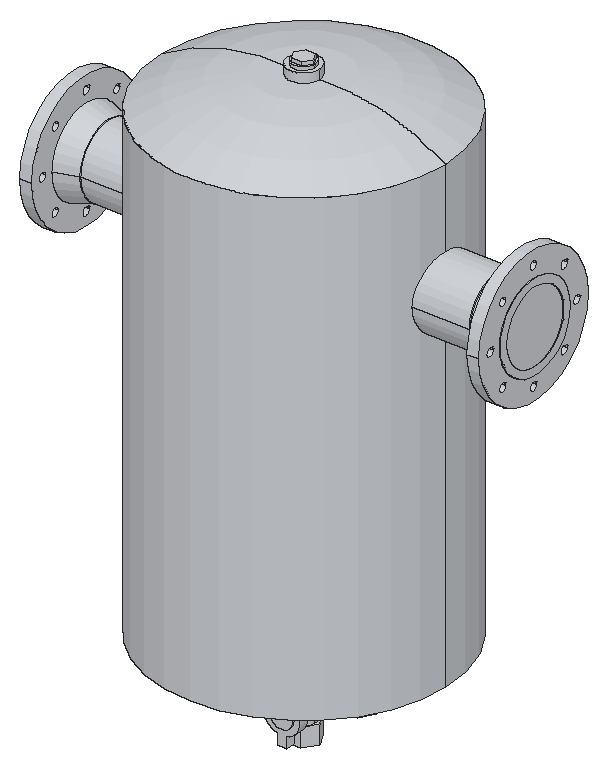
Revit family "307_606ee224e8d048cdbafcc5596280ca", category Pipe Accessories, Revit 2022
Family settings
  Round Connector Dimension = Use Diameter
  Part Type = Breaks Into
  Work Plane-Based = No
  Always vertical = Yes
  Cut with Voids When Loaded = No
  Shared = No
Parameters (values of type "2241 80")
  magiProductId = "f39bac49a72645a088c367fdd8a140"
  magiProductFamilyId = "606ee224e8d048cdbafcc5596280ca"
  magiPartTypeId = 307
  isMeasuringValve [instance] = no
  ang2D [instance] = 0.00°
  W2D = 100 mm
  VersionID = "2.0/2018.5.23.1/FAR_2241_001"
  Use Minimum Symbol Size [instance] = yes
  RH = 12 mm
  RC = 35.6 mm
  R2 = 12.5 mm
  R = 40 mm
  QmdConnectorList = "301;D;302;D"
  Productdata [instance] = "© MagiCAD Group, all rights reserved"
  NR1 = 17.5 mm
  NR = 11.25 mm
  Manufacturer = "FAR"
  Maintenance Zone Under Depth [instance] = 497 mm
  Maintenance Zone Right Depth [instance] = 255.5 mm
  Maintenance Zone Over Depth [instance] = 178 mm
  Maintenance Zone Left Depth [instance] = 255.5 mm
  Maintenance Zone Front Depth [instance] = 313 mm
  Maintenance Zone Back Depth [instance] = 313 mm
  Maintenance Zone Front Visibility [instance] = no
  MC Product Code = "2241 80"
  LM = 429.9 mm
  LL = 255.5 mm
  L2D_Min = 3048 mm
  L2D = 511 mm
  L1 = 25.55 mm
  HT = 161 mm
  HE1 = no
  HE = yes
  HD2 = 5 mm
  HCD2 = 60 mm
  HC = 42.426 mm
  G4 = 62.6 mm
  G = 156.5 mm
  EEE__ve = -EEE  # -8 mm
  EEE = 8 mm
  Description = "Flanged dirt separator with magnetic inserts, drain valve"
  Default Elevation = 0 mm
  DM2 = 48 mm
  DM1 = 48 mm
  D12 = 75 mm
  D = 80 mm
  CenSd_NR_6 = NR * cos(30.00°)  # 9.743 mm
  CenSd_NR1_6 = NR1 * cos(30.00°)  # 15.155 mm
  Clearance Zone Height Depth [instance] = 178 mm
  Clearance Zone Circular Radius [instance] = 255.5 mm
  Clearance Zone Visibility [instance] = no
  B1__ve = -B1  # -2 mm
  B11__ve = -B11  # -13 mm
  B11 = 13 mm
  B1 = 2 mm
  A = 497 mm
Types (4, lengths in mm): name | magiProductId | RC | R | Productdata | Maintenance Zone Under Depth | Maintenance Zone Right Depth | Maintenance Zone Over Depth | Maintenance Zone Left Depth | Maintenance Zone Front Depth | Maintenance Zone Back Depth | MC Product Code | LM | LL | L1 | HT | HE1 | HE | HCD2 | HC | G4 | G | DM2 | DM1 | D12 | D | Clearance Zone Height Depth | Clearance Zone Circular Radius | A
  2241 100 | "26b094769de143c8bc89c65ae879d0" | 35.6 | 50 | "© Progman Oy, all rights reserved" | 497 | 255.5 | 178 | 255.5 | 313 | 313 | "2241 100" | 429.9 | 255.5 | 25.55 | 161 | no | yes | 65 | 45.962 | 62.6 | 156.5 | 52 | 60 | 75 | 100 | 178 | 255.5 | 497
  2241 50 | "34147461daea42d1903f0917082513" | 29.6 | 25 | "© Progman Oy, all rights reserved" | 387 | 172 | 148 | 172 | 208 | 208 | "2241 50" | 279.6 | 172 | 17.2 | 131 | yes | no | 40 | 28.284 | 41.6 | 104 | 32 | 30 | 50 | 50 | 148 | 197 | 387
  2241 65 | "32a0813e50204472a5a33c8245fb49" | 29.6 | 32.5 | "© Progman Oy, all rights reserved" | 387 | 172 | 148 | 172 | 208 | 208 | "2241 65" | 279.6 | 172 | 17.2 | 131 | no | yes | 40 | 28.284 | 41.6 | 104 | 32 | 39 | 50 | 65 | 148 | 197 | 387
  2241 80 | "f39bac49a72645a088c367fdd8a140" | 35.6 | 40 | "© MagiCAD Group, all rights reserved" | 497 | 255.5 | 178 | 255.5 | 313 | 313 | "2241 80" | 429.9 | 255.5 | 25.55 | 161 | no | yes | 60 | 42.426 | 62.6 | 156.5 | 48 | 48 | 75 | 80 | 178 | 255.5 | 497
Reference planes
  plane 1 "Center (Front/Back)": y = 0
  plane 2 "XYPLANE": z = 0
  plane 3 "Center (Left/Right)": x = 0
  plane 4 "585": z = -480
  plane 5 "584": z = -444
  plane 6 "583": z = -492
  plane 7 "582": z = -432
  plane 8 "581": z = -462
  plane 9 "577": z = -417
  plane 10 "576": z = -447
  plane 11 "571": z = 174
  plane 12 "562": x = 62.6
  plane 13 "561": x = -62.6
  plane 14 "557": z = -437
  plane 15 "516": y = -313
  plane 16 "515": y = 313
  plane 17 "514": x = -255.5
  plane 18 "513": x = 255.5
  plane 19 "512": z = -497
  plane 20 "511": z = 178
  plane 21 "482": z = -477
  plane 22 "481": z = -427
  plane 23 "470": x = -5
  plane 24 "469": x = 5
  plane 25 "464": y = -20
  plane 26 "432": z = 171
  plane 27 "425": z = -391.4
  plane 28 "414": z = 125.4
  plane 29 "412": x = -156.5
  plane 30 "411": x = -10
  plane 31 "410": z = 161
  plane 32 "399": z = -497
  plane 33 "352": x = 214.95
  plane 34 "351": x = 240.5
  plane 35 "346": x = -214.95
  plane 36 "345": x = -240.5
  plane 37 "342": x = -253.5
  plane 38 "317": z = -42.426
  plane 39 "316": z = 42.426
  plane 40 "315": z = -60
  plane 41 "314": z = 60
  plane 42 "313": y = -60
  plane 43 "312": y = 60
  plane 44 "311": y = -42.426
  plane 45 "310": y = 42.426
  plane 46 "309": x = 253.5
  plane 47 "77": y = 0
  plane 48 "76": z = 0
  plane 49 "75": x = 0
  plane 50 "74": x = -255.5
  plane 51 "73": x = 255.5
Forms (mm)
  Extrusion 1, solid
    sketch origin (750, -20, 0) x (-1, 0, 0) y (0, 0, 1)
      loop
        line (755, -444) -> (755, -432) -> (745, -432) -> (745, -444)
        arc (745, -444) -> (730, -462) -> (745, -480) r 18.3
        line (745, -480) -> (745, -492) -> (755, -492) -> (755, -480)
        arc (755, -480) -> (770, -462) -> (755, -444) r 18.3
    from 0 to -10
  Blend 2, solid
    base sketch origin (-750, 0, -427) x (1, 0, 0) y (0, 1, 0)
      loop
        circle (750, 0) r 17.5
    top sketch origin (-750, 0, -427) x (1, 0, 0) y (0, 1, 0)
      loop
        circle (750, 0) r 17.5
    from 0 to -20
  Extrusion 3, solid
    sketch origin (-750, 0, -447) x (1, 0, 0) y (0, 1, 0)
      loop
        circle (750, 0) r 12.5
    from 0 to -30
  Extrusion 4, solid
    sketch origin (-750, 0, -437) x (1, 0, 0) y (0, 1, 0)
      loop
        line (795.1, 0) -> (803.85, -15.155) -> (821.35, -15.155) -> (830.1, 0) -> (821.35, 15.155) -> (803.85, 15.155) -> (795.1, 0)
    from 0 to -8 <- "EEE__ve"
  Extrusion 5, solid
    sketch origin (-750, 0, -437) x (1, 0, 0) y (0, 1, 0)
      loop
        line (669.9, 0) -> (678.65, -15.155) -> (696.15, -15.155) -> (704.9, 0) -> (696.15, 15.155) -> (678.65, 15.155) -> (669.9, 0)
    from 0 to -8 <- "EEE__ve"
  Blend 6, solid
    base sketch origin (-750, 0, -437) x (1, 0, 0) y (0, 1, 0)
      loop
        circle (812.6, 0) r 17.5
    top sketch origin (-750, 0, -437) x (1, 0, 0) y (0, 1, 0)
      loop
        circle (812.6, 0) r 17.5
    from 0 to 20
  Blend 7, solid
    base sketch origin (-750, 0, -437) x (1, 0, 0) y (0, 1, 0)
      loop
        circle (687.4, 0) r 17.5
    top sketch origin (-750, 0, -437) x (1, 0, 0) y (0, 1, 0)
      loop
        circle (687.4, 0) r 17.5
    from 0 to 20
  Blend 8, solid, visible <- "Maintenance Zone Front Visibility"
    base sketch origin (-750, 0, 178) x (1, 0, 0) y (0, 1, 0)
      loop
        line (494.5, -313) -> (1005.5, -313) -> (1005.5, 313) -> (494.5, 313) -> (494.5, -313)
    top sketch origin (-750, 0, 178) x (1, 0, 0) y (0, 1, 0)
      loop
        line (494.5, -313) -> (1005.5, -313) -> (1005.5, 313) -> (494.5, 313) -> (494.5, -313)
    from 0 to -675
  Extrusion 9, solid, visible <- "Clearance Zone Visibility"
    sketch origin (-750, 0, 0) x (1, 0, 0) y (0, 1, 0)
      loop
        circle (750, 0) r 255.5
    from 0 to 178 <- "Clearance Zone Height Depth"
  Extrusion 10, solid
    sketch origin (-750, 0, -477) x (1, 0, 0) y (0, 1, 0)
      loop
        line (732.5, 0) -> (741.25, -15.155) -> (758.75, -15.155) -> (767.5, 0) -> (758.75, 15.155) -> (741.25, 15.155) -> (732.5, 0)
      loop
        circle (750, 0) r 12.5
    from 0 to -20
  Extrusion 11, solid
    sketch origin (750, 0, 0) x (-1, 0, 0) y (0, 0, 1)
      loop
        circle (750, -462) r 12.5
    from 0 to -31
  Extrusion 12, solid
    sketch origin (-750, 0, 171) x (1, 0, 0) y (0, 1, 0)
      loop
        circle (750, 0) r 12.5
    from 0 to 3
  Extrusion 13, solid
    sketch origin (-750, 0, 174) x (1, 0, 0) y (0, 1, 0)
      loop
        line (761.25, 0) -> (755.625, 9.743) -> (744.375, 9.743) -> (738.75, 0) -> (744.375, -9.743) -> (755.625, -9.743) -> (761.25, 0)
    from 0 to 4
  Extrusion 14, solid
    sketch origin (-750, 0, 161) x (1, 0, 0) y (0, 1, 0)
      loop
        circle (750, 0) r 17.5
    from 0 to 10
  Revolve 15, solid
    sketch origin (-10, 0, -427) x (0, 0, -1) y (1, 0, 0)
      loop
        line (0, 0) -> (-588, 0)
        arc (-588, 0) -> (-581.861, -76.084) -> (-552.4, -146.5) r 242.767
        line (-552.4, -146.5) -> (-35.6, -146.5)
        arc (-35.6, -146.5) -> (-6.139, -76.084) -> (0, 0) r 242.767
      axis (-588, 10) -> (0, 10)
    angle from 0 to -360
  Extrusion 16, solid
    sketch origin (-214.95, -750, 0) x (0, 1, 0) y (0, 0, 1)
      loop
        circle (750, 0) r 40
    from 0 to 429.9 <- "LM"
  Blend 17, solid
    base sketch origin (214.95, -750, 0) x (0, 1, 0) y (0, 0, 1)
      loop
        circle (750, 0) r 40
    top sketch origin (214.95, -750, 0) x (0, 1, 0) y (0, 0, 1)
      loop
        circle (750, 0) r 48
    from 0 to 25.55
  Blend 18, solid
    base sketch origin (-240.5, -750, 0) x (0, 1, 0) y (0, 0, 1)
      loop
        circle (750, 0) r 48
    top sketch origin (-240.5, -750, 0) x (0, 1, 0) y (0, 0, 1)
      loop
        circle (750, 0) r 40
    from 0 to 25.55
  Extrusion 19, solid, visible <- "HE"
    sketch origin (-253.5, -750, 0) x (0, 1, 0) y (0, 0, 1)
      loop
        circle (750, 0) r 75
      loop
        circle (792.426, -42.426) r 5
      loop
        circle (810, 0) r 5
      loop
        circle (792.426, 42.426) r 5
      loop
        circle (750, 60) r 5
      loop
        circle (690, 0) r 5
      loop
        circle (707.574, 42.426) r 5
      loop
        circle (707.574, -42.426) r 5
      loop
        circle (750, -60) r 5
    from 0 to 13 <- "B11"
  Extrusion 20, solid, visible <- "HE1"
    sketch origin (-253.5, -750, 0) x (0, 1, 0) y (0, 0, 1)
      loop
        circle (750, 0) r 75
      loop
        circle (792.426, -42.426) r 5
      loop
        circle (792.426, 42.426) r 5
      loop
        circle (707.574, 42.426) r 5
      loop
        circle (707.574, -42.426) r 5
    from 0 to 13 <- "B11"
  Extrusion 21, solid
    sketch origin (-255.5, -750, 0) x (0, 1, 0) y (0, 0, 1)
      loop
        circle (750, 0) r 48
      loop
        circle (750, 0) r 40
    from 0 to 2 <- "B1"
  Extrusion 22, solid
    sketch origin (255.5, -750, 0) x (0, 1, 0) y (0, 0, 1)
      loop
        circle (750, 0) r 48
      loop
        circle (750, 0) r 40
    from 0 to -2 <- "B1__ve"
  Extrusion 23, solid, visible <- "HE1"
    sketch origin (253.5, -750, 0) x (0, 1, 0) y (0, 0, 1)
      loop
        circle (750, 0) r 75
      loop
        circle (792.426, -42.426) r 5
      loop
        circle (792.426, 42.426) r 5
      loop
        circle (707.574, 42.426) r 5
      loop
        circle (707.574, -42.426) r 5
    from 0 to -13 <- "B11__ve"
  Extrusion 24, solid, visible <- "HE"
    sketch origin (253.5, -750, 0) x (0, 1, 0) y (0, 0, 1)
      loop
        circle (750, 0) r 75
      loop
        circle (792.426, -42.426) r 5
      loop
        circle (810, 0) r 5
      loop
        circle (792.426, 42.426) r 5
      loop
        circle (750, 60) r 5
      loop
        circle (690, 0) r 5
      loop
        circle (707.574, 42.426) r 5
      loop
        circle (707.574, -42.426) r 5
      loop
        circle (750, -60) r 5
    from 0 to -13 <- "B11__ve"
  Extrusion 25, solid, not visible
    sketch origin (-255.5, -750, 0) x (0, 1, 0) y (0, 0, 1)
      loop
        circle (750, 0) r 10
    from 0 to 10
  Extrusion 26, solid, not visible
    sketch origin (255.5, -750, 0) x (0, 1, 0) y (0, 0, 1)
      loop
        circle (750, 0) r 10
    from 0 to -10
Lines and regions (mm)
  reference lines, not visible
    curve 1: circle (2, 2, 0) r 1 normal (0, 0, 1)
  reference lines
    curve 2: line (5, -20, -444) -> (5, -20, -480)
    curve 3: line (-5, -20, -480) -> (-5, -20, -444)
    curve 4: line (62.6, 0, -437) -> (66.975, 7.578, -437)
    curve 5: line (62.6, 0, -437) -> (71.35, 0, -437)
    curve 6: line (62.6, 0, -437) -> (66.975, -7.578, -437)
    curve 7: line (-62.6, 0, -437) -> (-58.225, 7.578, -437)
    curve 8: line (-62.6, 0, -437) -> (-53.85, 0, -437)
    curve 9: line (-62.6, 0, -437) -> (-58.225, -7.578, -437)
    curve 10: line (0, 0, -477) -> (4.375, 7.578, -477)
    curve 11: line (0, 0, -477) -> (8.75, 0, -477)
    curve 12: line (0, 0, -477) -> (4.375, -7.578, -477)
    curve 13: line (0, 0, 174) -> (-2.813, 4.871, 174)
    curve 14: line (0, 0, 174) -> (-5.625, 0, 174)
    curve 15: line (0, 0, 174) -> (-2.812, -4.871, 174)
    curve 16: line (-10, 0, 161) -> (-156.5, 0, 125.4)
    curve 17: line (-156.5, 0, -391.4) -> (-10, 0, -427)
Dimensions and locks
  plane 1 "Center (Front/Back)" to curve 1 = 2 mm
  locked: plane 8 "581" to plane 4 "585" at 18
  locked: plane 8 "581" to plane 5 "584" at 18
  locked: plane 8 "581" to plane 6 "583" at 30
  locked: plane 8 "581" to plane 7 "582" at 30
  locked: plane 10 "576" to plane 8 "581" at 15
  locked: plane 22 "481" to plane 9 "577" at 10
  locked: plane 21 "482" to plane 10 "576" at 30
  locked: plane 26 "432" to plane 11 "571" at 3
  "G4": plane 3 "Center (Left/Right)" to plane 12 "562"
  "G4": plane 3 "Center (Left/Right)" to plane 13 "561"
  locked: plane 10 "576" to plane 14 "557" at 10
  "Maintenance Zone Front Depth": plane 1 "Center (Front/Back)" to plane 15 "516"
  "Maintenance Zone Back Depth": plane 1 "Center (Front/Back)" to plane 16 "515"
  "Maintenance Zone Left Depth": plane 3 "Center (Left/Right)" to plane 17 "514"
  "Maintenance Zone Right Depth": plane 3 "Center (Left/Right)" to plane 18 "513"
  "Maintenance Zone Under Depth": plane 2 "XYPLANE" to plane 19 "512"
  "Maintenance Zone Over Depth": plane 2 "XYPLANE" to plane 20 "511"
  locked: plane 32 "399" to plane 21 "482" at 20
  locked: plane 10 "576" to plane 22 "481" at 20
  locked: plane 3 "Center (Left/Right)" to plane 23 "470" at 5
  locked: plane 3 "Center (Left/Right)" to plane 24 "469" at 5
  locked: plane 47 "77" to plane 25 "464" at 20
  locked: plane 31 "410" to plane 26 "432" at 10
  "RC": plane 22 "481" to plane 27 "425"
  "RC": plane 31 "410" to plane 28 "414"
  "G": plane 3 "Center (Left/Right)" to plane 29 "412"
  locked: plane 3 "Center (Left/Right)" to plane 30 "411" at 10
  "HT": plane 2 "XYPLANE" to plane 31 "410"
  "A": plane 2 "XYPLANE" to plane 32 "399"
  "L1": plane 34 "351" to plane 33 "352"
  "B11": plane 46 "309" to plane 34 "351"
  "L1": plane 36 "345" to plane 35 "346"
  "B11": plane 37 "342" to plane 36 "345"
  "B1": plane 50 "74" to plane 37 "342"
  "HC": plane 2 "XYPLANE" to plane 38 "317"
  "HC": plane 2 "XYPLANE" to plane 39 "316"
  "HCD2": plane 2 "XYPLANE" to plane 40 "315"
  "HCD2": plane 2 "XYPLANE" to plane 41 "314"
  "HCD2": plane 1 "Center (Front/Back)" to plane 42 "313"
  "HCD2": plane 1 "Center (Front/Back)" to plane 43 "312"
  "HC": plane 1 "Center (Front/Back)" to plane 44 "311"
  "HC": plane 1 "Center (Front/Back)" to plane 45 "310"
  "B1": plane 51 "73" to plane 46 "309"
  locked: plane 1 "Center (Front/Back)" to plane 47 "77"
  locked: plane 2 "XYPLANE" to plane 48 "76"
  locked: plane 3 "Center (Left/Right)" to plane 49 "75"
  "LL": plane 3 "Center (Left/Right)" to plane 50 "74"
  "LL": plane 3 "Center (Left/Right)" to plane 51 "73"
  Extrusion 1 sketch curve to Extrusion 1 sketch curve = 0 mm  (x16)
  "CenSd_NR1_6": curve 4 to Extrusion 4 sketch curve  (x2)
  "CenSd_NR1_6": curve 5 to Extrusion 4 sketch curve  (x2)
  "CenSd_NR1_6": curve 6 to Extrusion 4 sketch curve  (x2)
  Extrusion 4 sketch curve to Extrusion 4 sketch curve = 0 mm  (x12)
  "CenSd_NR1_6": curve 7 to Extrusion 5 sketch curve  (x2)
  "CenSd_NR1_6": curve 8 to Extrusion 5 sketch curve  (x2)
  "CenSd_NR1_6": curve 9 to Extrusion 5 sketch curve  (x2)
  Extrusion 5 sketch curve to Extrusion 5 sketch curve = 0 mm  (x12)
  Blend 8 sketch curve to Blend 8 sketch curve = 0 mm  (x16)
  "CenSd_NR1_6": curve 10 to Extrusion 10 sketch curve  (x2)
  "CenSd_NR1_6": curve 11 to Extrusion 10 sketch curve  (x2)
  "CenSd_NR1_6": curve 12 to Extrusion 10 sketch curve  (x2)
  Extrusion 10 sketch curve to Extrusion 10 sketch curve = 0 mm  (x12)
  "CenSd_NR_6": curve 13 to Extrusion 13 sketch curve  (x2)
  "CenSd_NR_6": curve 14 to Extrusion 13 sketch curve  (x2)
  "CenSd_NR_6": curve 15 to Extrusion 13 sketch curve  (x2)
  Extrusion 13 sketch curve to Extrusion 13 sketch curve = 0 mm  (x12)
  "RH": curve 16 to Revolve 15 sketch curve
  "RH": curve 17 to Revolve 15 sketch curve
  Revolve 15 sketch curve to Revolve 15 sketch curve = 0 mm  (x8)
  "NR1": radius of Blend 2 sketch curve  (x2)
  "R2": radius of Extrusion 3 sketch curve
  "NR1": radius of Blend 6 sketch curve  (x2)
  "NR1": radius of Blend 7 sketch curve  (x2)
  "Clearance Zone Circular Radius": radius of Extrusion 9 sketch curve
  "R2": radius of Extrusion 10 sketch curve
  "R2": radius of Extrusion 11 sketch curve
  "R2": radius of Extrusion 12 sketch curve
  "NR1": radius of Extrusion 14 sketch curve
  "R": radius of Extrusion 16 sketch curve
  "DM1": radius of Blend 17 sketch curve
  "R": radius of Blend 17 sketch curve
  "R": radius of Blend 18 sketch curve
  "DM1": radius of Blend 18 sketch curve
  "D12": radius of Extrusion 19 sketch curve
  "HD2": radius of Extrusion 19 sketch curve  (x8)
  "D12": radius of Extrusion 20 sketch curve
  "HD2": radius of Extrusion 20 sketch curve  (x4)
  "DM2": radius of Extrusion 21 sketch curve
  "R": radius of Extrusion 21 sketch curve
  "DM2": radius of Extrusion 22 sketch curve
  "R": radius of Extrusion 22 sketch curve
  "D12": radius of Extrusion 23 sketch curve
  "HD2": radius of Extrusion 23 sketch curve  (x4)
  "D12": radius of Extrusion 24 sketch curve
  "HD2": radius of Extrusion 24 sketch curve  (x8)
  locked: curve 5 to curve 4 (angle 60.00°)
  locked: curve 6 to curve 5 (angle 60.00°)
  locked: curve 6 to curve 4 (angle 120.00°)
  locked: curve 8 to curve 7 (angle 60.00°)
  locked: curve 9 to curve 8 (angle 60.00°)
  locked: curve 9 to curve 7 (angle 120.00°)
  locked: curve 11 to curve 10 (angle 60.00°)
  locked: curve 12 to curve 11 (angle 60.00°)
  locked: curve 12 to curve 10 (angle 120.00°)
  locked: curve 14 to curve 13 (angle 60.00°)
  locked: curve 15 to curve 14 (angle 60.00°)
  locked: curve 15 to curve 13 (angle 120.00°)
  aligned and locked: level to plane 2 "XYPLANE"
  aligned and locked: Extrusion 1 sketch curve to plane 23 "470"
  aligned and locked: plane 5 "584" to Extrusion 1 sketch curve  (x2)
  aligned and locked: plane 7 "582" to Extrusion 1 sketch curve  (x2)
  aligned and locked: plane 23 "470" to Extrusion 1 sketch curve  (x2)
  aligned and locked: plane 24 "469" to Extrusion 1 sketch curve  (x3)
  aligned and locked: plane 24 "469" to curve 2
  aligned and locked: plane 5 "584" to curve 2
  aligned and locked: plane 4 "585" to curve 2
  aligned and locked: plane 4 "585" to Extrusion 1 sketch curve  (x2)
  aligned and locked: plane 6 "583" to Extrusion 1 sketch curve  (x2)
  aligned and locked: curve 3 to plane 23 "470"
  aligned and locked: plane 4 "585" to curve 3
  aligned and locked: plane 5 "584" to curve 3
  aligned and locked: plane 47 "77" to Blend 2 sketch curve  (x2)
  aligned and locked: plane 49 "75" to Blend 2 sketch curve  (x2)
  aligned and locked: Blend 2 to plane 10 "576"
  aligned and locked: plane 47 "77" to Extrusion 3 sketch curve
  aligned and locked: plane 49 "75" to Extrusion 3 sketch curve
  aligned and locked: plane 12 "562" to curve 6
  aligned and locked: plane 47 "77" to curve 6
  aligned and locked: plane 13 "561" to curve 8
  aligned and locked: plane 47 "77" to curve 8
  aligned and locked: plane 12 "562" to Blend 6 sketch curve  (x2)
  aligned and locked: plane 47 "77" to Blend 6 sketch curve  (x2)
  aligned and locked: plane 9 "577" to Blend 6
  aligned and locked: plane 13 "561" to Blend 7 sketch curve  (x2)
  aligned and locked: plane 47 "77" to Blend 7 sketch curve  (x2)
  aligned and locked: plane 9 "577" to Blend 7
  aligned and locked: plane 17 "514" to Blend 8 sketch curve  (x4)
  aligned and locked: plane 15 "516" to Blend 8 sketch curve  (x4)
  aligned and locked: plane 16 "515" to Blend 8 sketch curve  (x4)
  aligned and locked: plane 18 "513" to Blend 8 sketch curve  (x4)
  aligned and locked: Blend 8 to plane 19 "512"
  aligned and locked: plane 47 "77" to Extrusion 9 sketch curve
  aligned and locked: plane 49 "75" to Extrusion 9 sketch curve
  aligned and locked: plane 47 "77" to curve 12
  aligned and locked: plane 49 "75" to curve 12
  aligned and locked: plane 47 "77" to Extrusion 10 sketch curve
  aligned and locked: plane 49 "75" to Extrusion 10 sketch curve
  aligned and locked: plane 8 "581" to Extrusion 11 sketch curve
  aligned and locked: plane 49 "75" to Extrusion 11 sketch curve
  aligned and locked: plane 47 "77" to Extrusion 12 sketch curve
  aligned and locked: plane 49 "75" to Extrusion 12 sketch curve
  aligned and locked: plane 47 "77" to curve 15
  aligned and locked: plane 49 "75" to curve 15
  aligned and locked: plane 47 "77" to Extrusion 14 sketch curve
  aligned and locked: plane 49 "75" to Extrusion 14 sketch curve
  aligned and locked: Revolve 15 sketch curve to plane 30 "411"
  aligned and locked: plane 22 "481" to Revolve 15 sketch curve  (x2)
  aligned and locked: plane 31 "410" to Revolve 15 sketch curve  (x2)
  aligned and locked: plane 30 "411" to curve 16
  aligned and locked: plane 31 "410" to curve 16
  aligned and locked: plane 28 "414" to curve 16
  aligned and locked: plane 29 "412" to curve 16
  aligned and locked: plane 29 "412" to Revolve 15 sketch curve
  aligned and locked: plane 28 "414" to Revolve 15 sketch curve
  aligned and locked: plane 27 "425" to Revolve 15 sketch curve
  aligned and locked: plane 27 "425" to curve 17
  aligned and locked: plane 29 "412" to curve 17
  aligned and locked: plane 22 "481" to curve 17
  aligned and locked: plane 30 "411" to curve 17
  aligned and locked: plane 49 "75" to Revolve 15 sketch curve
  aligned and locked: Extrusion 16 sketch curve to plane 47 "77"
  aligned and locked: plane 48 "76" to Extrusion 16 sketch curve
  aligned and locked: Blend 17 sketch curve to plane 47 "77"  (x2)
  aligned and locked: plane 48 "76" to Blend 17 sketch curve  (x2)
  aligned and locked: plane 34 "351" to Blend 17
  aligned and locked: Blend 18 sketch curve to plane 47 "77"  (x2)
  aligned and locked: plane 48 "76" to Blend 18 sketch curve  (x2)
  aligned and locked: plane 35 "346" to Blend 18
  aligned and locked: Extrusion 19 sketch curve to plane 47 "77"  (x2)
  aligned and locked: plane 48 "76" to Extrusion 19 sketch curve  (x3)
  aligned and locked: plane 38 "317" to Extrusion 19 sketch curve  (x2)
  aligned and locked: Extrusion 19 sketch curve to plane 45 "310"
  aligned and locked: Extrusion 19 sketch curve to plane 43 "312"
  aligned and locked: plane 39 "316" to Extrusion 19 sketch curve  (x2)
  aligned and locked: plane 45 "310" to Extrusion 19 sketch curve
  aligned and locked: plane 41 "314" to Extrusion 19 sketch curve
  aligned and locked: plane 47 "77" to Extrusion 19 sketch curve
  aligned and locked: Extrusion 19 sketch curve to plane 42 "313"
  aligned and locked: plane 44 "311" to Extrusion 19 sketch curve
  aligned and locked: Extrusion 19 sketch curve to plane 44 "311"
  aligned and locked: plane 40 "315" to Extrusion 19 sketch curve
  aligned and locked: Extrusion 20 sketch curve to plane 47 "77"
  aligned and locked: plane 48 "76" to Extrusion 20 sketch curve
  aligned and locked: plane 38 "317" to Extrusion 20 sketch curve  (x2)
  aligned and locked: Extrusion 20 sketch curve to plane 45 "310"
  aligned and locked: plane 39 "316" to Extrusion 20 sketch curve  (x2)
  aligned and locked: plane 45 "310" to Extrusion 20 sketch curve
  aligned and locked: plane 44 "311" to Extrusion 20 sketch curve
  aligned and locked: Extrusion 20 sketch curve to plane 44 "311"
  aligned and locked: Extrusion 21 sketch curve to plane 47 "77"  (x2)
  aligned and locked: plane 48 "76" to Extrusion 21 sketch curve  (x2)
  aligned and locked: Extrusion 22 sketch curve to plane 47 "77"  (x2)
  aligned and locked: plane 48 "76" to Extrusion 22 sketch curve  (x2)
  aligned and locked: Extrusion 23 sketch curve to plane 47 "77"
  aligned and locked: plane 48 "76" to Extrusion 23 sketch curve
  aligned and locked: plane 38 "317" to Extrusion 23 sketch curve  (x2)
  aligned and locked: Extrusion 23 sketch curve to plane 45 "310"
  aligned and locked: plane 39 "316" to Extrusion 23 sketch curve  (x2)
  aligned and locked: plane 45 "310" to Extrusion 23 sketch curve
  aligned and locked: plane 44 "311" to Extrusion 23 sketch curve
  aligned and locked: Extrusion 23 sketch curve to plane 44 "311"
  aligned and locked: Extrusion 24 sketch curve to plane 47 "77"  (x2)
  aligned and locked: plane 48 "76" to Extrusion 24 sketch curve  (x3)
  aligned and locked: plane 38 "317" to Extrusion 24 sketch curve  (x2)
  aligned and locked: Extrusion 24 sketch curve to plane 45 "310"
  aligned and locked: Extrusion 24 sketch curve to plane 43 "312"
  aligned and locked: plane 39 "316" to Extrusion 24 sketch curve  (x2)
  aligned and locked: plane 45 "310" to Extrusion 24 sketch curve
  aligned and locked: plane 41 "314" to Extrusion 24 sketch curve
  aligned and locked: plane 47 "77" to Extrusion 24 sketch curve
  aligned and locked: Extrusion 24 sketch curve to plane 42 "313"
  aligned and locked: plane 44 "311" to Extrusion 24 sketch curve
  aligned and locked: Extrusion 24 sketch curve to plane 44 "311"
  aligned and locked: plane 40 "315" to Extrusion 24 sketch curve
  aligned and locked: Extrusion 25 sketch curve to plane 47 "77"
  aligned and locked: plane 48 "76" to Extrusion 25 sketch curve
  aligned and locked: Extrusion 26 sketch curve to plane 47 "77"
  aligned and locked: plane 48 "76" to Extrusion 26 sketch curve
Automatic sketch dimensions
  plane 3 "Center (Left/Right)" to Extrusion 1 sketch curve = 1.7 mm
  Extrusion 1 sketch curve to plane 3 "Center (Left/Right)" = 1.7 mm
  plane 1 "Center (Front/Back)" to Extrusion 25 sketch curve = 10 mm
  plane 1 "Center (Front/Back)" to Extrusion 26 sketch curve = 10 mm
  plane 3 "Center (Left/Right)" to curve 1 = 2 mm
  radius of curve 1 = 1 mm
Connectors
  piping at (-255.5, 0, 0), diameter 80, driven by "D"
    settings: on Extrusion 25, index 1, connector inside diameter 609.6 mm, connector length 0 mm, flow factor 0, pipe flow 0.0 L/s, pressure drop 0.0 Pa, fitting loss kfactor 0, connector angle 0.00°, fixture units 0, engagement length 0 mm, angle of deflection 0.00°, flow configuration 0, flow direction 0, fitting loss method 0, system type 29, joint type 0, gender type 0, connector reference index 2, connector utility 0, adjustable connector no, is connector primary yes, connector description ""
  piping at (255.5, 0, 0), diameter 80, driven by "D"
    settings: on Extrusion 26, index 2, connector inside diameter 609.6 mm, connector length 0 mm, flow factor 0, pipe flow 0.0 L/s, pressure drop 0.0 Pa, fitting loss kfactor 0, connector angle 0.00°, fixture units 0, engagement length 0 mm, angle of deflection 0.00°, flow configuration 0, flow direction 0, fitting loss method 0, system type 29, joint type 0, gender type 0, connector reference index 1, connector utility 0, adjustable connector no, is connector primary no, connector description ""
